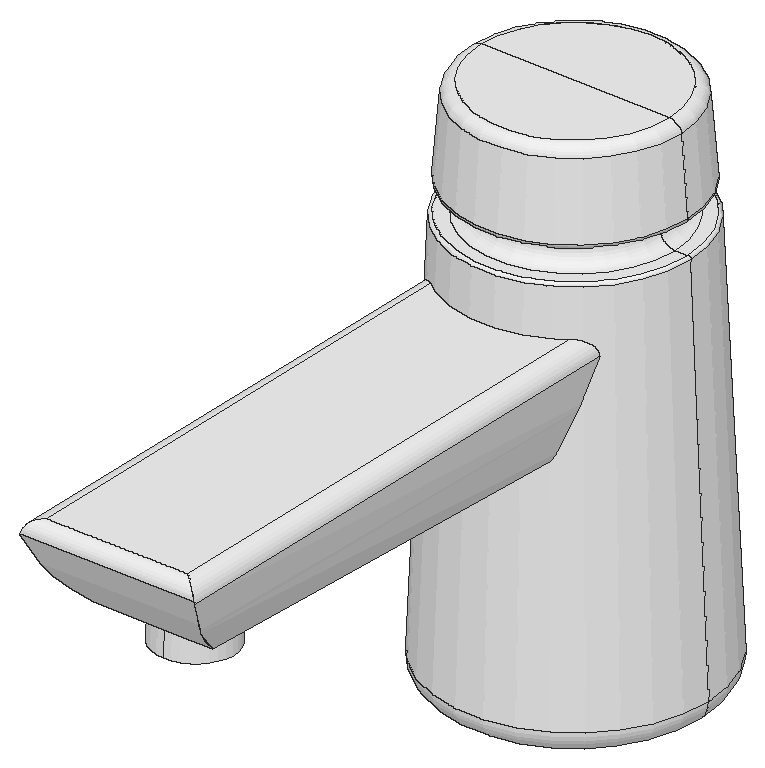
Revit family
Parameters
  Width = 2 5/16"
  Subcategory = "Faucet"
  SmartBIM Object Version = 3  # constant formula
  SmartBIM Object Created By = "Reed Construction Data"  # constant formula
  Manufacturer = ""
  Height = 4 9/16"
  Faucet = Chrome, Polished
  Depth = 6 3/16"
  Assembly Code = "C1030200"
  95 CSI = "15410"
  04 CSI = "10 28 13"
Reference planes (in)
  plane 1 "Center (Front/Back)": y = 11.5
  plane 2: z = 0
  plane 3 "Center (Left/Right)": x = 0
  plane 4: x = -1.15625
  plane 5: y = 14.59375
  plane 6: x = 1.15625
  plane 7: y = 8.40625
  plane 8: z = 4.5625
  plane 9 "Center (Elevation)": z = 2.28125
  plane 10: y = 13.4375
Forms (in)
  Revolve 1, solid, material "Chrome, Polished" <- "Faucet"
    sketch origin (-3.15695, 13.4375, 48) x (-1, 0, 0) y (0, 0, 1)
      loop
        line (-3.15695, -43.4375) -> (-3.15695, -48) -> (-2.22582, -48)
        arc (-2.22582, -48) -> (-2.07944, -47.93937) -> (-2.01881, -47.79299) r 0.20701
        arc (-2.01881, -47.79299) -> (-2.04992, -46.12471) -> (-2.16902, -44.4604) r 31.61356
        arc (-2.16902, -44.4604) -> (-2.1785, -44.44398) -> (-2.19632, -44.4375) r 0.02772
        line (-2.19632, -44.4375) -> (-2.30962, -44.4375)
        arc (-2.30962, -44.4375) -> (-2.43462, -44.3125) -> (-2.30962, -44.1875) r 0.125
        line (-2.30962, -44.1875) -> (-2.22789, -44.1875)
        arc (-2.22789, -44.1875) -> (-2.20514, -44.17808) -> (-2.19571, -44.15532) r 0.03218
        arc (-2.19571, -44.15532) -> (-2.20958, -43.83767) -> (-2.25108, -43.52242) r 3.64472
        arc (-2.25108, -43.52242) -> (-2.28623, -43.46154) -> (-2.35229, -43.4375) r 0.10277
        line (-2.35229, -43.4375) -> (-3.15695, -43.4375)
      axis (-3.15695, -43.4375) -> (-3.15695, -48)
    angle from 0 to 360
  Blend 2, solid, material "Chrome, Polished" <- "Faucet"
    base sketch origin (-3.15695, 13.4375, 48) x (-1, 0, 0) y (0, 0, 1)
      loop
        line (-2.55331, -44.85002) -> (-3.76059, -44.85002)
        arc (-3.76059, -44.85002) -> (-3.86086, -44.89156) -> (-3.9024, -44.99183) r 0.14181
        arc (-3.9024, -44.99183) -> (-3.80846, -45.40489) -> (-3.67415, -45.80664) r 4.28045
        arc (-3.67415, -45.80664) -> (-3.15695, -45.85002) -> (-2.63974, -45.80664) r 3.10461
        arc (-2.63974, -45.80664) -> (-2.50543, -45.40489) -> (-2.4115, -44.99183) r 4.28045
        arc (-2.4115, -44.99183) -> (-2.45303, -44.89156) -> (-2.55331, -44.85002) r 0.14181
    top sketch origin (-3.15695, 13.4375, 48) x (-1, 0, 0) y (0, 0, 1)
      loop
        line (-2.55331, -44.85002) -> (-3.76059, -44.85002)
        arc (-3.76059, -44.85002) -> (-3.86086, -44.89156) -> (-3.9024, -44.99183) r 0.14181
        arc (-3.9024, -44.99183) -> (-3.80367, -45.30744) -> (-3.66249, -45.60648) r 2.39973
        arc (-3.66249, -45.60648) -> (-3.15695, -45.65081) -> (-2.6514, -45.60648) r 2.90539
        arc (-2.6514, -45.60648) -> (-2.51022, -45.30744) -> (-2.4115, -44.99183) r 2.39973
        arc (-2.4115, -44.99183) -> (-2.45303, -44.89156) -> (-2.55331, -44.85002) r 0.14181
    from 0 to -5.03125
  Blend 3, void
    base sketch origin (0, 0, 0) x (0, 1, 0) y (0, 0, 1)
      loop
        line (8.40625, 2.28125) -> (9.05284, 2.28125)
        arc (9.05284, 2.28125) -> (8.67831, 2.60877) -> (8.42311, 3.03587) r 1.59265
        arc (8.42311, 3.03587) -> (8.45653, 3.11655) -> (8.53722, 3.14998) r 0.11411
        line (8.53722, 3.14998) -> (8.40625, 3.14998) -> (8.40625, 2.28125)
    top sketch origin (0, 0, 0) x (0, 1, 0) y (0, 0, 1)
      loop
        arc (8.42311, 3.03587) -> (8.45653, 3.11655) -> (8.53722, 3.14998) r 0.11411
        line (8.53722, 3.14998) -> (8.40625, 3.14998) -> (8.40625, 2.28125) -> (9.05284, 2.28125)
        arc (9.05284, 2.28125) -> (8.67831, 2.60877) -> (8.42311, 3.03587) r 1.59265
    from 1.15625 to -1.15625
  Revolve 4, solid, material "Chrome, Polished" <- "Faucet"
    sketch origin (0, 0, 0) x (0, 1, 0) y (0, 0, 1)
      loop
        line (9.0446, 2.3229) -> (9.03588, 2.07305) -> (9.36546, 2.06154) -> (9.37418, 2.31139) -> (9.0446, 2.3229)
      axis (9.37418, 2.31139) -> (9.36546, 2.06154)
    angle from 0 to 360
Cuts and joins
  Blend 3 cuts Blend 2
Dimensions and locks (in)
  equal spacing: plane 4, plane 3 "Center (Left/Right)", plane 6
  "Width": plane 4 to plane 6
  "Height": plane 8 to plane 2
  equal spacing: plane 2, plane 9 "Center (Elevation)", plane 8
  equal spacing: plane 5, plane 1 "Center (Front/Back)", plane 7
  "Depth": plane 5 to plane 7
  locked: plane 5 to plane 10 at 1.15625
  aligned and locked: plane 2 to level
  aligned and locked: plane 3 "Center (Left/Right)" to Revolve 1 sketch curve
  aligned and locked: plane 8 to Revolve 1 sketch curve
  aligned and locked: level to Revolve 1 sketch curve
  aligned and locked: Revolve 1 sketch curve to plane 3 "Center (Left/Right)"
  aligned and locked: Blend 2 sketch curve to var sketch  (x2)
  aligned and locked: plane 7 to Blend 2
  aligned and locked: plane 10 to Blend 2
  aligned and locked: Blend 3 sketch curve to plane 7
  aligned and locked: Blend 2 to Blend 3 sketch curve
  aligned and locked: plane 9 "Center (Elevation)" to Blend 3 sketch curve  (x2)
  aligned and locked: Blend 3 sketch curve to var sketch  (x3)
  aligned and locked: Blend 3 sketch curve to Blend 2
  aligned and locked: plane 4 to Blend 3
  aligned and locked: plane 6 to Blend 3
  aligned and locked: Revolve 4 sketch curve to Revolve 4 sketch curve  (x2)
Automatic sketch dimensions
  level to Revolve 1 sketch curve = 0.45178"
  Revolve 1 sketch curve to plane 4 = 0.3516"
  Revolve 1 sketch curve to plane 4 = 0.30892"
  Revolve 1 sketch curve to plane 8 = 0.08492"
  Revolve 1 sketch curve to Revolve 1 sketch curve = 0.10121"
  Revolve 1 sketch curve to Revolve 1 sketch curve = 0.08173"
  Revolve 1 sketch curve to plane 4 = 0.22512"
  Revolve 1 sketch curve to Revolve 1 sketch curve = 29/256"
  Revolve 1 sketch curve to Revolve 1 sketch curve = 0.03218"
  Revolve 1 sketch curve to Revolve 1 sketch curve = 0.0273"
  level to Revolve 1 sketch curve = 0.20701"
  Revolve 1 sketch curve to Revolve 1 sketch curve = 24"
  Revolve 1 sketch curve to Revolve 1 sketch curve = 0.00481"
  Revolve 1 sketch curve to Revolve 1 sketch curve = 1/8"
  plane 8 to Revolve 1 sketch curve = 98.15632"
  Revolve 1 sketch curve to plane 8 = 0.71782"
  Revolve 1 sketch curve to Revolve 1 sketch curve = 27.79099"
  Blend 2 sketch curve to plane 3 "Center (Left/Right)" = 0"  (x2)
  Blend 2 sketch curve to plane 9 "Center (Elevation)" = 0.08789"  (x2)
  plane 3 "Center (Left/Right)" to Blend 2 sketch curve = 0.51721"
  Blend 2 sketch curve to plane 6 = 0.55261"
  Blend 2 sketch curve to Blend 2 sketch curve = 0.14181"  (x2)
  Blend 2 sketch curve to plane 8 = 0.81279"
  plane 6 to Blend 2 sketch curve = 2.31403"
  Blend 2 sketch curve to plane 4 = 0.55261"
  plane 8 to Blend 2 sketch curve = 0.69208"  (x2)
  plane 4 to Blend 2 sketch curve = 2.31403"
  plane 6 to Blend 2 sketch curve = 0.43251"
  plane 9 "Center (Elevation)" to Blend 2 sketch curve = 0.11227"  (x2)
  plane 3 "Center (Left/Right)" to Blend 2 sketch curve = 0.50555"
  plane 4 to Blend 2 sketch curve = 0.43251"
  Blend 3 sketch curve to plane 7 = 0.01686"
  Blend 3 sketch curve to Blend 3 sketch curve = 0.11411"
  Blend 3 sketch curve to plane 7 = 0.64659"
  Blend 3 sketch curve to plane 8 = 0.9333"
  Blend 3 sketch curve to Blend 3 sketch curve = 1.36389"
  Blend 3 sketch curve to Blend 3 sketch curve = 0"  (x2)
  Revolve 4 sketch curve to plane 9 "Center (Elevation)" = 0.2082"
  Revolve 4 sketch curve to plane 7 = 0.62963"
  plane 9 "Center (Elevation)" to Revolve 4 sketch curve = 0.04165"
  Revolve 4 sketch curve to Revolve 4 sketch curve = 0.00872"
  Revolve 4 sketch curve to Revolve 4 sketch curve = 0.32289"
  plane 9 "Center (Elevation)" to Revolve 4 sketch curve = 0.03014"
